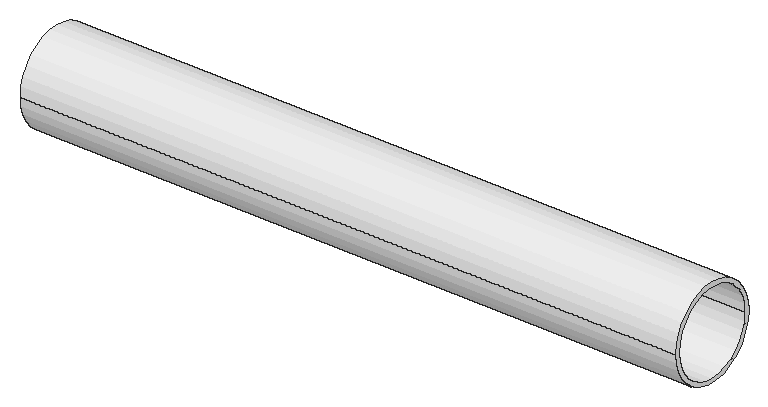
Revit family "M_Tubulação", category Quadro estrutural, Revit 2019
Family settings
  Arredondamento do comprimento do framing estrutural = 0.10 mm
  Forma do corte = Norma de tubulação
  Material para o comportamento do modelo = Aço
  Exportar sempre como geometria = Não
  Family Name Key = M_Pipe
  Nome do código = AISC 14.1
  Número OmniClass = 23.25.30.11.14.14
  Título OmniClass = Beams
  ID de item do Seek = Pipe-0000-CAN-ENU
  Sempre na vertical = Sim
  Corte com vazios quando carregada = Não
  Representação simbólica = Das configurações de projeto
  Compartilhado = Não
  Exibir o pré-corte da família na vista da planta = Sim
Parameters (values of type "Pipe152STD")
  Espessura nominal da parede = 7.11 mm
  Espessura da parede do projeto = 6.63 mm
  Momento de inércia de torção = 22000000.00 mm4
  Torsional Modulus = 0.0 mm³
  Structural Material [instance] = Aço, 45-345
  Section Name Key = ""
  Área de corte = 3350.0 mm²
  Eixo fraco do módulo plástico = 174000.0 mm³
  Eixo forte do módulo plástico = 174000.0 mm³
  Perimeter = (empty or 0)
  Nominal Weight = 277.53 N/m
  Moment of Inertia weak axis = 1100 cm⁴
  Moment of Inertia strong axis = 1100 cm⁴
  Length [instance] = 1500.00 mm
  Elastic Modulus weak axis = 131000.0 mm³
  Elastic Modulus strong axis = 131000.0 mm³
  Diameter = 168.00 mm
  Centroid Vertical = Diameter / 2  # 84 mm
  Centroid Horizontal = Diameter / 2  # 84 mm
  Assembly Code = ""
Reference planes
  plane 1 "Centro (Frente/Trás)": y = 0
  plane 2: z = 0
  plane 3 "Centro (Esquerda/Direita)": x = 4.61
  plane 4 "Membro esquerdo": x = -604.99
  plane 5 "Membro direito": x = 614.21
  plane 6: y = 84
  plane 7: y = -84
  plane 8 "Superior": z = 84
  plane 9: z = -84
  plane 10 "Esquerda": x = -757.39
  plane 11 "Direita": x = 742.61
Forms (mm)
  Extrusion 1, solid, material "Aço, 45-345" <- "Structural Material", detail levels medium+fine
    sketch origin (4.61, 0, 0) x (0, 1, 0) y (0, 0, 1)
      loop
        circle (0, 0) r 84
      loop
        circle (0, 0) r 76.89
    from -609.6 to 609.6
Lines and regions (mm)
  symbolic lines, style "Símbolos de vara", detail levels coarse
    curve 1: arc (0, 84, 0) -> (0, 0, -84) -> (0, -84, 0) r 84
    curve 2: arc (0, -84, 0) -> (0, 0, 84) -> (0, 84, 0) r 84
Dimensions and locks
  "Diameter": plane 6 to plane 7
  "Diameter": plane 9 to plane 8 "Superior"
  equal spacing: plane 9, plane 2, plane 8 "Superior"
  equal spacing: plane 6, plane 1 "Centro (Frente/Trás)", plane 7
  "Length": plane 10 "Esquerda" to plane 11 "Direita"
  "Espessura nominal da parede": plane 6 to Extrusion 1 sketch curve
  "Espessura nominal da parede": Extrusion 1 sketch curve to plane 7
  aligned and locked: plane 4 "Membro esquerdo" to Extrusion 1
  aligned and locked: Extrusion 1 to plane 5 "Membro direito"
Automatic sketch dimensions
  curve 1 to level = 0.00 mm
  curve 1 to plane 7 = 0.00 mm
  curve 1 to plane 1 "Centro (Frente/Trás)" = 0.00 mm
  Extrusion 1 sketch curve to Extrusion 1 sketch curve = 0.00 mm  (x2)
  Extrusion 1 sketch curve to level = 0.00 mm
  Extrusion 1 sketch curve to plane 7 = 0.00 mm
Types in the file's own list only (36): name | Espessura nominal da parede | Espessura da parede do projeto | Momento de inércia de torção | Módulo de torção | Chave do nome do corte | Área de corte | Eixo fraco do módulo plástico | Eixo forte do módulo plástico | Perímetro | Peso nominal | Eixo fraco do momento de inércia | Eixo forte do momento de inércia | Eixo fraco do módulo de elasticidade | Eixo forte do módulo de elasticidade | Diâmetro | Centróide vertical | Centróide horizontal
  Pipe305STD | 9.53 mm | 8.86 mm | 218000000.00 mm4 | 0.0 mm³ | Pipe 12 Std | 8840.0 mm² | 880000.0 mm³ | 880000.0 mm³ | 0.00 m²/m | 73.80 kgf/m | 109000000.00 mm4 | 109000000.00 mm4 | 672000.0 mm³ | 672000.0 mm³ | 325.00 mm | 162.50 mm | 162.50 mm
  Pipe254STD | 9.27 mm | 8.64 mm | 126000000.00 mm4 | 0.0 mm³ | Pipe 10 Std | 7420.0 mm² | 605000.0 mm³ | 605000.0 mm³ | 0.00 m²/m | 60.20 kgf/m | 62900000.00 mm4 | 62900000.00 mm4 | 460000.0 mm³ | 460000.0 mm³ | 274.00 mm | 137.00 mm | 137.00 mm
  Pipe203STD | 8.18 mm | 7.62 mm | 56600000.00 mm4 | 0.0 mm³ | Pipe 8 Std | 5060.0 mm² | 341000.0 mm³ | 341000.0 mm³ | 0.00 m²/m | 42.50 kgf/m | 28300000.00 mm4 | 28300000.00 mm4 | 259000.0 mm³ | 259000.0 mm³ | 219.00 mm | 109.50 mm | 109.50 mm
  Pipe127STD | 6.55 mm | 6.12 mm | 11900000.00 mm4 | 0.0 mm³ | Pipe 5 Std | 2590.0 mm² | 112000.0 mm³ | 112000.0 mm³ | 0.00 m²/m | 21.70 kgf/m | 5950000.00 mm4 | 5950000.00 mm4 | 84200.0 mm³ | 84200.0 mm³ | 141.00 mm | 70.50 mm | 70.50 mm
  Pipe102STD | 6.02 mm | 5.61 mm | 5660000.00 mm4 | 0.0 mm³ | Pipe 4 Std | 1910.0 mm² | 66400.0 mm³ | 66400.0 mm³ | 0.00 m²/m | 16.10 kgf/m | 2840000.00 mm4 | 2840000.00 mm4 | 49700.0 mm³ | 49700.0 mm³ | 114.00 mm | 57.00 mm | 57.00 mm
  Pipe89STD | 5.74 mm | 5.36 mm | 3760000.00 mm4 | 0.0 mm³ | Pipe 3 1/2 Std | 1610.0 mm² | 49700.0 mm³ | 49700.0 mm³ | 0.00 m²/m | 13.60 kgf/m | 1880000.00 mm4 | 1880000.00 mm4 | 37000.0 mm³ | 37000.0 mm³ | 102.00 mm | 51.00 mm | 51.00 mm
  Pipe76STD | 5.49 mm | 5.11 mm | 2370000.00 mm4 | 0.0 mm³ | Pipe 3 Std | 1340.0 mm² | 35900.0 mm³ | 35900.0 mm³ | 0.00 m²/m | 11.30 kgf/m | 1190000.00 mm4 | 1190000.00 mm4 | 26700.0 mm³ | 26700.0 mm³ | 88.90 mm | 44.45 mm | 44.45 mm
  Pipe64STD | 5.16 mm | 4.80 mm | 1200000.00 mm4 | 0.0 mm³ | Pipe 2 1/2 Std | 1040.0 mm² | 22500.0 mm³ | 22500.0 mm³ | 0.00 m²/m | 8.62 kgf/m | 604000.00 mm4 | 604000.00 mm4 | 16600.0 mm³ | 16600.0 mm³ | 73.20 mm | 36.60 mm | 36.60 mm
  Pipe51STD | 3.91 mm | 3.63 mm | 520000.00 mm4 | 0.0 mm³ | Pipe 2 Std | 658.0 mm² | 11700.0 mm³ | 11700.0 mm³ | 0.00 m²/m | 5.44 kgf/m | 261000.00 mm4 | 261000.00 mm4 | 8650.0 mm³ | 8650.0 mm³ | 60.50 mm | 30.25 mm | 30.25 mm
  Pipe38STD | 3.68 mm | 3.43 mm | 244000.00 mm4 | 0.0 mm³ | Pipe 1 1/2 Std | 483.0 mm² | 6900.0 mm³ | 6900.0 mm³ | 0.00 m²/m | 4.04 kgf/m | 122000.00 mm4 | 122000.00 mm4 | 5060.0 mm³ | 5060.0 mm³ | 48.30 mm | 24.15 mm | 24.15 mm
  Pipe32STD | 3.56 mm | 3.30 mm | 153000.00 mm4 | 0.0 mm³ | Pipe 1 1/4 Std | 403.0 mm² | 5000.0 mm³ | 5000.0 mm³ | 0.00 m²/m | 3.38 kgf/m | 76600.00 mm4 | 76600.00 mm4 | 3640.0 mm³ | 3640.0 mm³ | 42.20 mm | 21.10 mm | 21.10 mm
  Pipe25STD | 3.38 mm | 3.15 mm | 69100.00 mm4 | 0.0 mm³ | Pipe 1 Std | 303.0 mm² | 2900.0 mm³ | 2900.0 mm³ | 0.00 m²/m | 2.50 kgf/m | 34500.00 mm4 | 34500.00 mm4 | 2060.0 mm³ | 2060.0 mm³ | 33.40 mm | 16.70 mm | 16.70 mm
  Pipe19STD | 2.87 mm | 2.67 mm | 29100.00 mm4 | 0.0 mm³ | Pipe 3/4 Std | 201.0 mm² | 1540.0 mm³ | 1540.0 mm³ | 0.00 m²/m | 1.68 kgf/m | 14600.00 mm4 | 14600.00 mm4 | 1100.0 mm³ | 1100.0 mm³ | 26.70 mm | 13.35 mm | 13.35 mm
  Pipe13STD | 2.77 mm | 2.57 mm | 13300.00 mm4 | 0.0 mm³ | Pipe 1/2 Std | 151.0 mm² | 909.0 mm³ | 909.0 mm³ | 0.00 m²/m | 1.26 kgf/m | 6660.00 mm4 | 6660.00 mm4 | 636.0 mm³ | 636.0 mm³ | 21.30 mm | 10.65 mm | 10.65 mm
  Pipe305XS | 12.70 mm | 11.80 mm | 282000000.00 mm4 | 0.0 mm³ | Pipe 12 x-Strong | 11300.0 mm² | 1150000.0 mm³ | 1150000.0 mm³ | 0.00 m²/m | 97.40 kgf/m | 141000000.00 mm4 | 141000000.00 mm4 | 872000.0 mm³ | 872000.0 mm³ | 325.00 mm | 162.50 mm | 162.50 mm
  Pipe254XS | 12.70 mm | 11.80 mm | 166000000.00 mm4 | 0.0 mm³ | Pipe 10 x-Strong | 9740.0 mm² | 806000.0 mm³ | 806000.0 mm³ | 0.00 m²/m | 81.50 kgf/m | 82800000.00 mm4 | 82800000.00 mm4 | 606000.0 mm³ | 606000.0 mm³ | 274.00 mm | 137.00 mm | 137.00 mm
  Pipe203XS | 12.70 mm | 11.80 mm | 82800000.00 mm4 | 0.0 mm³ | Pipe 8 x-Strong | 7680.0 mm² | 508000.0 mm³ | 508000.0 mm³ | 0.00 m²/m | 64.50 kgf/m | 41600000.00 mm4 | 41600000.00 mm4 | 379000.0 mm³ | 379000.0 mm³ | 219.00 mm | 109.50 mm | 109.50 mm
  Pipe152XS | 11.00 mm | 10.20 mm | 31900000.00 mm4 | 0.0 mm³ | Pipe 6 x-Strong | 5050.0 mm² | 256000.0 mm³ | 256000.0 mm³ | 0.00 m²/m | 42.50 kgf/m | 15900000.00 mm4 | 15900000.00 mm4 | 190000.0 mm³ | 190000.0 mm³ | 168.00 mm | 84.00 mm | 84.00 mm
  Pipe127XS | 9.53 mm | 8.86 mm | 16200000.00 mm4 | 0.0 mm³ | Pipe 5 x-Strong | 3700.0 mm² | 156000.0 mm³ | 156000.0 mm³ | 0.00 m²/m | 30.90 kgf/m | 8120000.00 mm4 | 8120000.00 mm4 | 115000.0 mm³ | 115000.0 mm³ | 141.00 mm | 70.50 mm | 70.50 mm
  Pipe102XS | 8.56 mm | 8.00 mm | 7580000.00 mm4 | 0.0 mm³ | Pipe 4 x-Strong | 2670.0 mm² | 90600.0 mm³ | 90600.0 mm³ | 0.00 m²/m | 22.30 kgf/m | 3800000.00 mm4 | 3800000.00 mm4 | 66400.0 mm³ | 66400.0 mm³ | 114.00 mm | 57.00 mm | 57.00 mm
  Pipe89XS | 8.08 mm | 7.52 mm | 4950000.00 mm4 | 0.0 mm³ | Pipe 3 1/2 x-Strong | 2210.0 mm² | 66700.0 mm³ | 66700.0 mm³ | 0.00 m²/m | 18.60 kgf/m | 2470000.00 mm4 | 2470000.00 mm4 | 48700.0 mm³ | 48700.0 mm³ | 102.00 mm | 51.00 mm | 51.00 mm
  Pipe76XS | 7.62 mm | 7.11 mm | 3080000.00 mm4 | 0.0 mm³ | Pipe 3 x-Strong | 1830.0 mm² | 47700.0 mm³ | 47700.0 mm³ | 0.00 m²/m | 15.30 kgf/m | 1540000.00 mm4 | 1540000.00 mm4 | 34600.0 mm³ | 34600.0 mm³ | 88.90 mm | 44.45 mm | 44.45 mm
  Pipe64XS | 7.01 mm | 6.53 mm | 1520000.00 mm4 | 0.0 mm³ | Pipe 2 1/2 x-Strong | 1350.0 mm² | 29000.0 mm³ | 29000.0 mm³ | 0.00 m²/m | 11.40 kgf/m | 762000.00 mm4 | 762000.00 mm4 | 20800.0 mm³ | 20800.0 mm³ | 73.20 mm | 36.60 mm | 36.60 mm
  Pipe51XS | 5.54 mm | 5.18 mm | 687000.00 mm4 | 0.0 mm³ | Pipe 2 x-Strong | 903.0 mm² | 15800.0 mm³ | 15800.0 mm³ | 0.00 m²/m | 7.48 kgf/m | 344000.00 mm4 | 344000.00 mm4 | 11400.0 mm³ | 11400.0 mm³ | 60.50 mm | 30.25 mm | 30.25 mm
  Pipe38XS | 5.08 mm | 4.72 mm | 310000.00 mm4 | 0.0 mm³ | Pipe 1 1/2 x-Strong | 645.0 mm² | 9000.0 mm³ | 9000.0 mm³ | 0.00 m²/m | 5.40 kgf/m | 155000.00 mm4 | 155000.00 mm4 | 6420.0 mm³ | 6420.0 mm³ | 48.30 mm | 24.15 mm | 24.15 mm
  Pipe32XS | 4.85 mm | 4.52 mm | 192000.00 mm4 | 0.0 mm³ | Pipe 1 1/4 x-Strong | 540.0 mm² | 6440.0 mm³ | 6440.0 mm³ | 0.00 m²/m | 4.46 kgf/m | 96100.00 mm4 | 96100.00 mm4 | 4560.0 mm³ | 4560.0 mm³ | 42.20 mm | 21.10 mm | 21.10 mm
  Pipe25XS | 4.55 mm | 4.22 mm | 84100.00 mm4 | 0.0 mm³ | Pipe 1 x-Strong | 388.0 mm² | 3620.0 mm³ | 3620.0 mm³ | 0.00 m²/m | 3.23 kgf/m | 42000.00 mm4 | 42000.00 mm4 | 2520.0 mm³ | 2520.0 mm³ | 33.50 mm | 16.75 mm | 16.75 mm
  Pipe19XS | 3.91 mm | 3.63 mm | 35800.00 mm4 | 0.0 mm³ | Pipe 3/4 x-Strong | 263.0 mm² | 1950.0 mm³ | 1950.0 mm³ | 0.00 m²/m | 2.20 kgf/m | 17900.00 mm4 | 17900.00 mm4 | 1340.0 mm³ | 1340.0 mm³ | 26.70 mm | 13.35 mm | 13.35 mm
  Pipe13XS | 3.73 mm | 3.48 mm | 15800.00 mm4 | 0.0 mm³ | Pipe 1/2 x-Strong | 195.0 mm² | 1120.0 mm³ | 1120.0 mm³ | 0.00 m²/m | 1.62 kgf/m | 7910.00 mm4 | 7910.00 mm4 | 757.0 mm³ | 757.0 mm³ | 21.30 mm | 10.65 mm | 10.65 mm
  Pipe203XXS | 22.20 mm | 20.70 mm | 128000000.00 mm4 | 0.0 mm³ | Pipe 8 xx-Strong | 12900.0 mm² | 818000.0 mm³ | 818000.0 mm³ | 0.00 m²/m | 108.00 kgf/m | 64100000.00 mm4 | 64100000.00 mm4 | 587000.0 mm³ | 587000.0 mm³ | 219.00 mm | 109.50 mm | 109.50 mm
  Pipe152XXS | 21.90 mm | 20.40 mm | 52900000.00 mm4 | 0.0 mm³ | Pipe 6 xx-Strong | 9480.0 mm² | 449000.0 mm³ | 449000.0 mm³ | 0.00 m²/m | 79.10 kgf/m | 26400000.00 mm4 | 26400000.00 mm4 | 315000.0 mm³ | 315000.0 mm³ | 168.00 mm | 84.00 mm | 84.00 mm
  Pipe127XXS | 19.10 mm | 17.80 mm | 26800000.00 mm4 | 0.0 mm³ | Pipe 5 xx-Strong | 6900.0 mm² | 274000.0 mm³ | 274000.0 mm³ | 0.00 m²/m | 57.40 kgf/m | 13400000.00 mm4 | 13400000.00 mm4 | 190000.0 mm³ | 190000.0 mm³ | 141.00 mm | 70.50 mm | 70.50 mm
  Pipe102XXS | 17.10 mm | 16.00 mm | 12200000.00 mm4 | 0.0 mm³ | Pipe 4 xx-Strong | 4940.0 mm² | 156000.0 mm³ | 156000.0 mm³ | 0.00 m²/m | 41.00 kgf/m | 6120000.00 mm4 | 6120000.00 mm4 | 107000.0 mm³ | 107000.0 mm³ | 114.00 mm | 57.00 mm | 57.00 mm
  Pipe76XXS | 15.20 mm | 14.20 mm | 4830000.00 mm4 | 0.0 mm³ | Pipe 3 xx-Strong | 3340.0 mm² | 80100.0 mm³ | 80100.0 mm³ | 0.00 m²/m | 27.70 kgf/m | 2410000.00 mm4 | 2410000.00 mm4 | 54200.0 mm³ | 54200.0 mm³ | 88.90 mm | 44.45 mm | 44.45 mm
  Pipe64XXS | 14.00 mm | 13.10 mm | 2310000.00 mm4 | 0.0 mm³ | Pipe 2 1/2 xx-Strong | 2470.0 mm² | 47700.0 mm³ | 47700.0 mm³ | 0.00 m²/m | 20.40 kgf/m | 1160000.00 mm4 | 1160000.00 mm4 | 31800.0 mm³ | 31800.0 mm³ | 73.20 mm | 36.60 mm | 36.60 mm
  Pipe51XXS | 11.10 mm | 10.30 mm | 1060000.00 mm4 | 0.0 mm³ | Pipe 2 xx-Strong | 1620.0 mm² | 26200.0 mm³ | 26200.0 mm³ | 0.00 m²/m | 13.40 kgf/m | 529000.00 mm4 | 529000.00 mm4 | 17500.0 mm³ | 17500.0 mm³ | 60.50 mm | 30.25 mm | 30.25 mm
